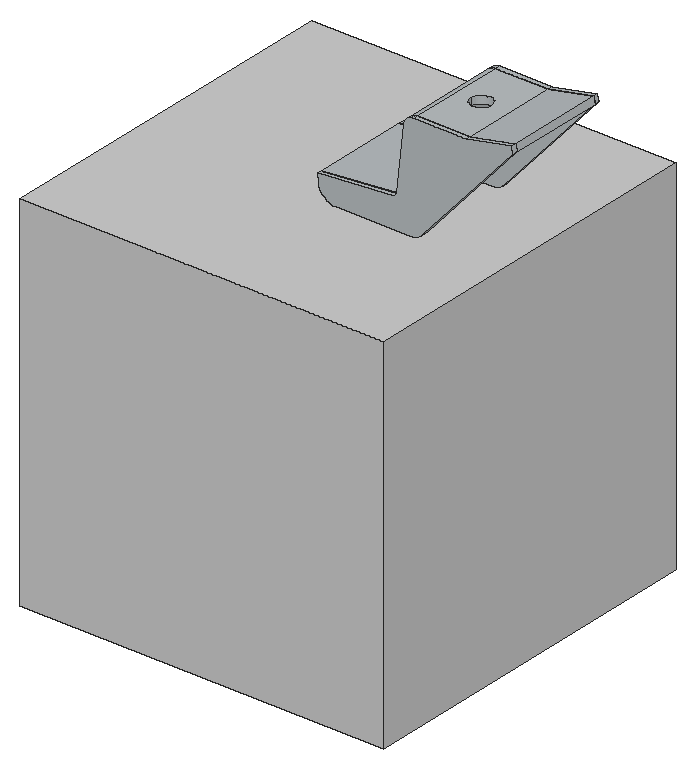
Revit family "REC-GRFVC01", category Structural Connections, host Face, Revit 2024
Family settings
  Host = Face
  Material for Model Behavior = Steel
  Enable Cutting in Views = Yes
  Cut with Voids When Loaded = Yes
  Shared = No
Parameters (values of type "GRFVC01")
  Visible = yes
  URL_Product_(Producto) = ""
  URL_DataSheet_(FichaTecnica) = ""
  URL_CE_Marking_(MarcadoCE) = ""
  Type IFC Predefined Type = "Brackets"
  Type Comments = ""
  URL = "https://recense.com/"
  Model = "GRFVC01"
  Manufacturer = "RECENSE"
  Keynote_ESP = "Anclaje antivuelco para fijación de paneles a viga canalón de hormigón de espesor desde 60 a 80 mm."
  Keynote = "Anti-tilt anchor for fixing panels to concrete gutter beams from 60 to 80 mm thick."
  IFCExportType = Classification.Uniclass.Pr.Description  # "Brackets"
  IFCExportAs = "IfcElementAssembly"
  Fecha de Creacion: = "01/03/2024"
  Fecha Ultima Revision: = "01/03/2024"
  Export Type to IFC As = "IfcElementAssembly"
  Description_ESP = "Grapa reforzada de fijación a viga canalón."
  Description = "Reinforced clamp for fixing to gutter beam."
  Default Elevation = 0.0 mm
  Creado por: = "Deliprogal SL"
  Cost = 0
  Classification.Uniclass.Ss.Number = ""
  Classification.Uniclass.Ss.Description = ""
  Classification.Uniclass.Pr.Number = "Pr_20_85_09"
  Classification.Uniclass.Pr.Description = "Brackets"
  Classification.Uniclass.EF.Number = ""
  Classification.Uniclass.EF.Description = ""
  Classification.Space.Number = ""
  Classification.Space.Description = ""
  Classification.Facility.Number = ""
  Classification.Facility.Description = ""
  Assembly Code = ""
Reference planes
  plane 1 "Center (Front/Back)": y = 0
  plane 2: z = 0
  plane 3 "Center (Left/Right)": x = 0
Forms (mm)
  Extrusion 1, solid, material "REC_Base"
    sketch origin (0, -719.2, 0) x (1, 0, 0) y (0, 1, 0)
      loop
        line (-150, 869.2) -> (-150, 569.2) -> (150, 569.2) -> (150, 869.2) -> (-150, 869.2)
    from 0 to -300
  Extrusion 2, solid, material "REC_Acero, S 275JR (Zincado)"
    sketch origin (68.198, 52.652, 53.813) x (0, 0, -1) y (1, 0, 0)
      loop
        line (-36.244, 93.109) -> (-42.113, 91.862) -> (-34.127, 54.293) -> (-34.127, 11.691)
        arc (-34.127, 11.691) -> (-31.816, 5.668) -> (-26.068, 2.74) r 9
        line (-26.068, 2.74) -> (26.015, -2.734)
        arc (26.015, -2.734) -> (27.944, -3.533) -> (28.743, -5.462) r 2.728
        line (28.743, -5.462) -> (34.197, -67.805) -> (40.175, -67.282) -> (34.566, -3.176)
        arc (34.566, -3.176) -> (32.741, 1.23) -> (28.335, 3.055) r 6.231
        line (28.335, 3.055) -> (-25.441, 8.707)
        arc (-25.441, 8.707) -> (-27.357, 9.683) -> (-28.127, 11.691) r 3
        line (-28.127, 11.691) -> (-28.127, 53.767)
        arc (-28.127, 53.767) -> (-28.188, 54.917) -> (-28.368, 56.054) r 11
        line (-28.368, 56.054) -> (-36.244, 93.109)
    from 0 to 80
  Extrusion 3, solid, material "REC_Acero, S 275JR (Zincado)"
    sketch origin (68.198, 52.652, 53.813) x (0, 0, -1) y (1, 0, 0)
      loop
        line (48.654, 19.31) -> (-36.244, 93.109) -> (-42.113, 91.862) -> (-34.127, 54.293) -> (-34.127, 11.691)
        arc (-34.127, 11.691) -> (-31.816, 5.668) -> (-26.068, 2.74) r 9
        line (-26.068, 2.74) -> (26.015, -2.734)
        arc (26.015, -2.734) -> (27.944, -3.533) -> (28.743, -5.462) r 2.728
        line (28.743, -5.462) -> (34.197, -67.805) -> (40.175, -67.282)
        arc (40.175, -67.282) -> (49.906, -62.472) -> (53.813, -52.344) r 14.941
        line (53.813, -52.344) -> (53.813, 7.989)
        arc (53.813, 7.989) -> (52.463, 14.21) -> (48.654, 19.31) r 15
    from 80.001 to 84.001
  Extrusion 4, solid, material "REC_Acero, S 275JR (Zincado)"
    sketch origin (68.198, 136.654, 53.813) x (0, 0, -1) y (1, 0, 0)
      loop
        line (48.654, 19.31) -> (-36.244, 93.109) -> (-42.113, 91.862) -> (-34.127, 54.293) -> (-34.127, 11.691)
        arc (-34.127, 11.691) -> (-31.816, 5.668) -> (-26.068, 2.74) r 9
        line (-26.068, 2.74) -> (26.015, -2.734)
        arc (26.015, -2.734) -> (27.944, -3.533) -> (28.743, -5.462) r 2.728
        line (28.743, -5.462) -> (34.197, -67.805) -> (40.175, -67.282)
        arc (40.175, -67.282) -> (49.906, -62.472) -> (53.813, -52.344) r 14.941
        line (53.813, -52.344) -> (53.813, 7.989)
        arc (53.813, 7.989) -> (52.463, 14.21) -> (48.654, 19.31) r 15
    from 80.001 to 84.001
  Extrusion 5, void
    sketch origin (100.927, -27.348, 87.941) x (0, -1, 0) y (1, 0, 0)
      loop
        circle (-40, -1.059) r 8.482
    from -6 to 0
Cuts and joins
  Extrusion 5 cuts Extrusion 2
Dimensions and locks
  aligned and locked: plane 2 to Extrusion 1
  aligned and locked: level to Extrusion 1
